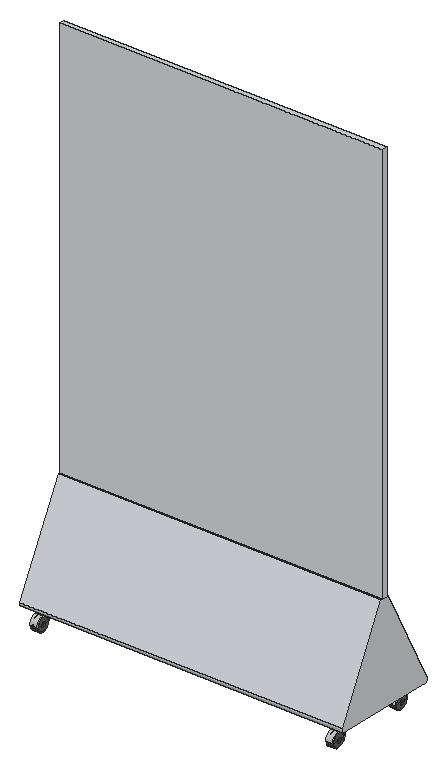
Revit family "ThinkingWall Freestander", category Generic Models, Revit 2023
Family settings
  Can host rebar = No
  Round Connector Dimension = Use Diameter
  Part Type = Normal
  Work Plane-Based = No
  Always vertical = Yes
  Cut with Voids When Loaded = No
  Maintain Annotation Orientation = No
  Shared = No
  Room Calculation Point = No
Parameters (values of type "ThinkingWall Freestander")
  URL = "https://www.logovisual.com/product/whiteboards/thinkingwall/originals/freestander/"
  No of Slat = Length / 41.4 mm  # 29
  Model = "ThinkingWall® Freestander"
  Manufacturer = "Logovisual LTD"
  Length = 1200 mm
  Description = "Mobile freestanding whiteboard. Part of the ThinkingWall® range for flexible breakout and meeting spaces."
  Default Elevation = 0 mm
  Base Colour = none
Reference planes
  plane 1 "Center (Front/Back)": y = 0
  plane 2: z = 0
  plane 3 "Center (Left/Right)": x = 0
  plane 4: y = 196
  plane 5: x = 1200
  plane 6: y = -196
  plane 7: x = 600
  plane 8: z = 71.5
  plane 9: x = 30
  plane 10: x = 1170
  plane 11: z = 1938.5
  plane 12: x = 595
  plane 13: x = 605
  plane 14: y = -179
  plane 15: y = 178
  plane 16: z = 438.5
  plane 17: y = 10
  plane 18: y = -10
  plane 19: y = 17.5
  plane 20: y = -17.5
Forms (mm)
  Extrusion 1, solid
    sketch origin (-511.407, 1524, 114.5) x (-1, 0, 0) y (0, -1, 0)
      loop
        line (-511.407, 1514) -> (-511.407, 1534) -> (-1711.407, 1534) -> (-1711.407, 1514) -> (-511.407, 1514)
    from 324 to 1824
  Extrusion 2, solid, material <- "Base Colour"
    sketch origin (0, 0, 0) x (0, 1, 0) y (0, 0, 1)
      loop
        line (195.265, 87.24) -> (17.5, 438.5) -> (-17.5, 438.5) -> (-195.265, 87.24)
        arc (-195.265, 87.24) -> (-193.581, 76.46) -> (-183.863, 71.5) r 12
        line (-183.863, 71.5) -> (183.863, 71.5)
        arc (183.863, 71.5) -> (193.581, 76.46) -> (195.265, 87.24) r 12
    from 0 to 1200
Dimensions and locks
  equal spacing: plane 4, plane 1 "Center (Front/Back)", plane 6
  plane 4 to plane 6 = 392 mm
  "Length": plane 3 "Center (Left/Right)" to plane 5
  locked: plane 3 "Center (Left/Right)" to nested 1 at 50
  locked: plane 4 to nested 1 at 50
  equal spacing: plane 3 "Center (Left/Right)", plane 7, plane 5
  locked: plane 4 to nested 2 at 50
  locked: nested 2 to plane 5 at 50
  locked: nested 4 to plane 5 at 50
  locked: plane 3 "Center (Left/Right)" to nested 3 at 50
  locked: plane 6 to nested 3 at 50
  locked: plane 6 to nested 4 at 50
  locked: plane 8 to level at 71.5
  locked: plane 3 "Center (Left/Right)" to plane 9 at 30
  locked: plane 10 to plane 5 at 30
  plane 11 to level = 1938.5 mm
  locked: plane 4 to plane 15 at 18
  locked: plane 6 to plane 14 at 17
  equal spacing: plane 12, plane 7, plane 13
  locked: plane 12 to plane 13 at 10
  equal spacing: plane 17, plane 1 "Center (Front/Back)", plane 18
  plane 17 to plane 18 = 20 mm
  equal spacing: plane 19, plane 1 "Center (Front/Back)", plane 20
  plane 11 to plane 16 to plane 8 = 1500 mm, 367 mm
  plane 19 to plane 20 = 35 mm
  aligned and locked: level to plane 2
  aligned and locked: Extrusion 1 to plane 16
  aligned and locked: plane 11 to Extrusion 1
  aligned and locked: Extrusion 2 to plane 3 "Center (Left/Right)"
  aligned and locked: plane 5 to Extrusion 2
  aligned and locked: Extrusion 1 sketch curve to plane 17
  aligned and locked: plane 3 "Center (Left/Right)" to Extrusion 1 sketch curve
  aligned and locked: Extrusion 1 sketch curve to plane 18
  aligned and locked: Extrusion 1 sketch curve to plane 5
Automatic sketch dimensions
  Extrusion 2 sketch curve to plane 8 = 0 mm
  Extrusion 2 sketch curve to plane 16 = 0 mm
  Extrusion 2 sketch curve to plane 20 = 0 mm
  Extrusion 2 sketch curve to plane 19 = 0 mm
  plane 14 to Extrusion 2 sketch curve = 4.863 mm
  plane 15 to Extrusion 2 sketch curve = 5.863 mm
  Extrusion 2 sketch curve to plane 4 = 0.735 mm
  plane 8 to Extrusion 2 sketch curve = 12 mm  (x2)
  Extrusion 2 sketch curve to plane 6 = 0.735 mm
Nested families
  nested 1: "50mm_Caster_Wheel 2" at (50, 146, 0) x (0, 1, 0) z (0, 0, 1), type "50mm_Caster_Wheel 2"
  nested 2: "50mm_Caster_Wheel 2" at (1150, 146, 0) x (0, 1, 0) z (0, 0, 1), type "50mm_Caster_Wheel 2"
  nested 3: "50mm_Caster_Wheel 2" at (50, -146, 0) x (0, 1, 0) z (0, 0, 1), type "50mm_Caster_Wheel 2"
  nested 4: "50mm_Caster_Wheel 2" at (1150, -146, 0) x (0, 1, 0) z (0, 0, 1), type "50mm_Caster_Wheel 2"
Definition of nested family "50mm_Caster_Wheel 2"
  Parameters (values of type "50mm_Caster_Wheel 2")
    Default Elevation = 0 mm
  Reference planes
    plane 1 "Center (Front/Back)": y = 0
    plane 2: z = 0
    plane 3 "Center (Left/Right)": x = 0
    plane 4 "VWhlCntr": x = -22
    plane 5 "WhlCntr": z = 25
    plane 6: z = 56.73
    plane 7: z = 55.23
  Forms (mm)
    Revolve 1, solid
      sketch origin (0, 0, 25) x (-1, 0, 0) y (0, -1, 0)
        loop
          line (45.5, 13.5) -> (29.872, 13.5) -> (30.032, 14.411)
          arc (30.032, 14.411) -> (29.873, 15.004) -> (29.317, 15.263) r 0.727
          line (29.317, 15.263) -> (22, 15.263) -> (22, 4.169) -> (47, 4.169) -> (47, 12)
          arc (47, 12) -> (46.561, 13.061) -> (45.5, 13.5) r 1.5
        loop
          arc (45.5, -13.5) -> (46.561, -13.061) -> (47, -12) r 1.5
          line (47, -12) -> (47, -4.169) -> (22, -4.169) -> (22, -15.263) -> (29.317, -15.263)
          arc (29.317, -15.263) -> (29.873, -15.004) -> (30.032, -14.411) r 0.727
          line (30.032, -14.411) -> (29.872, -13.5) -> (45.5, -13.5)
        axis (22, 15.263) -> (22, -15.263)
      angle from 0 to 360
    Revolve 2, solid
      sketch origin (0, 0, 25) x (-1, 0, 0) y (0, -1, 0)
        loop
          line (22, 3.174) -> (33.047, 3.174)
          arc (33.047, 3.174) -> (32.755, 3.878) -> (32.052, 4.169) r 0.995
          line (32.052, 4.169) -> (22, 4.169) -> (22, 3.174)
        loop
          line (22, -3.174) -> (22, -4.169) -> (32.052, -4.169)
          arc (32.052, -4.169) -> (32.755, -3.878) -> (33.047, -3.174) r 0.995
          line (33.047, -3.174) -> (22, -3.174)
        axis (22, 4.169) -> (22, -4.169)
      angle from 0 to 360
    Revolve 3, solid
      sketch origin (0, 0, 0) x (1, 0, 0) y (0, 0, 1)
        loop
          line (0, 60) -> (21.525, 60) -> (21.525, 62.198)
          arc (21.525, 62.198) -> (20.577, 63.345) -> (19.43, 64.292) r 7.866
          arc (19.43, 64.292) -> (16.996, 68.264) -> (12.416, 67.416) r 4.113
          line (12.416, 67.416) -> (10, 65) -> (10, 70) -> (0, 70) -> (0, 60)
        axis (0, 60) -> (0, 70)
      angle from 0 to 360
    Extrusion 4, solid
      sketch origin (0, 0, 0) x (1, 0, 0) y (0, 0, 1)
        loop
          circle (-22, 25) r 2.964
      from -12.5 to 12.5
    Extrusion 5, solid
      sketch origin (0, 0, 70) x (1, 0, 0) y (0, 1, 0)
        loop
          line (-25, 25) -> (-25, -25) -> (25, -25) -> (25, 25) -> (-25, 25)
      from 0 to 1.5
    Extrusion 6, solid
      sketch origin (0, 0, 0) x (1, 0, 0) y (0, 0, 1)
        loop
          line (-49.398, 25.312) -> (-47.348, 25.312)
          arc (-47.348, 25.312) -> (-22.059, 50.601) -> (3.229, 25.313) r 25.288
          line (3.229, 25.313) -> (5.279, 25.313)
          arc (5.279, 25.313) -> (-22.059, 52.651) -> (-49.398, 25.312) r 27.339
      from -13.5 to 13.5
    Extrusion 7, solid
      sketch origin (0, 0, 0) x (1, 0, 0) y (0, 0, 1)
        loop
          arc (-22.059, 52.651) -> (-2.728, 44.644) -> (5.279, 25.312) r 27.339
          line (5.279, 25.312) -> (5.279, 60) -> (-22.059, 60) -> (-22.059, 52.651)
      from -13.5 to 13.5
  Dimensions and locks
    plane 3 "Center (Left/Right)" to plane 4 "VWhlCntr" = 22 mm
    Revolve 3 to level = 70 mm
    Revolve 3 to plane 2 = 70 mm
    diameter of Revolve 1 = 50 mm
    aligned and locked: level to plane 2
